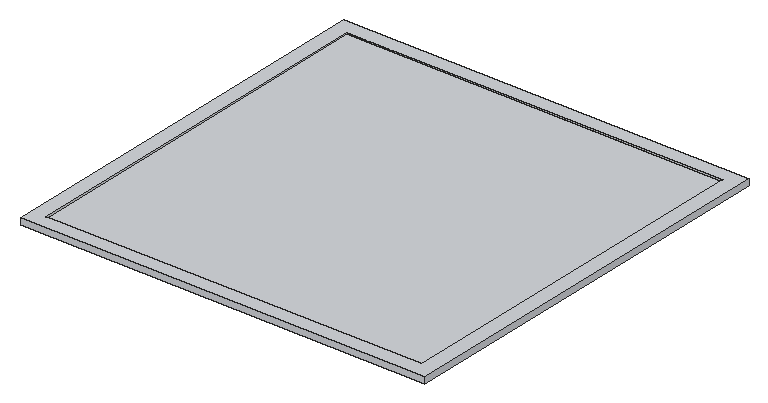
Revit family "0042388", category Lighting Fixtures, host Face, Revit 2017
Family settings
  Host = Face
  Round Connector Dimension = Use Diameter
  Part Type = Normal
  OmniClass Number = 23.80.70.00
  OmniClass Title = Lighting
  Cut with Voids When Loaded = No
  Light Source = Yes
  Shared = No
  Room Calculation Point = No
Parameters (values of type "0042388 START PANEL UGR19 600X600 3800LM 830 SSA")
  Weight = "6.285 kg"
  Wattage Comments = ""
  Wattage = 36 W
  WarrantyStartDate [instance] = "n/a"
  WarrantyGuarantorParts = "n/a"
  WarrantyDurationUnit = "n/a"
  WarrantyDurationParts = "n/a"
  WarrantyDescription = "n/a"
  WIDTH_SYL = 297.5 mm
  built-in parameter 1150110 = 1 (stored number, unit not read)
  Voltage = 0 V
  URL = "http://www.sylvania-lighting.com"
  TypeName = "START Panel UGR19 600x600 3800Lm 830 SSA"
  Type Image = <None>
  Type Comments = "n/a"
  built-in parameter 1114217 = 1 (stored number, unit not read)
  Tilt Angle = -90.00°
  built-in parameter 1150109 = 1 (stored number, unit not read)
  built-in parameter 1150134 = (empty or 0)
  TOPWIDTH_SYL = 245 mm
  built-in parameter 1150113 = 1 (stored number, unit not read)
  SerialNumber [instance] = "n/a"
  Photometric Web File = "0042388.ies"
  Material_3_SYL = none
  PowerFactor = 0.95
  PowerConsumption = "36 W"
  NominalLength = 595 mm
  NominalHeight = 35 mm
  NominalDepth = 595 mm
  Name = "START Panel UGR19 600x600 3800Lm 830 SSA"
  ModelReference = Name  # "START Panel UGR19 600x600 3800Lm 830 SSA"
  ModelNumber = "0042388"
  Model = Name  # "START Panel UGR19 600x600 3800Lm 830 SSA"
  Material = "aluminium,steel housing, other diffuser"
  ManufacturerName = "Feilo Sylvania"
  Manufacturer = "Feilo Sylvania"
  MAINHEIGHT_SYL = 63 mm
  LuminousEfficacy = "106 lm/W"
  built-in parameter 1150105 = 303.67 (stored number, unit not read)
  Lumens = 3816 lm
  LuminaireType = ""
  built-in parameter 1150115 = 1 (stored number, unit not read)
  LightOutputRatio = "n/a"
  built-in parameter 1150137 = (empty or 0)
  built-in parameter 1150139 = (empty or 0)
  LampsType = Lamp  # "LED"
  LampNominalLuminous = "3800 lm"
  LampMacAdamStep = "6"
  LampColourTemperature = "3000 K"
  LampColourRenderingIndex = "80"
  built-in parameter 1150112 = 1 (stored number, unit not read)
  built-in parameter 1150114 = 1 (stored number, unit not read)
  Lamp = "LED"
  LUMWIDTH_SYL = 276.5 mm
  LUMDEPTH_SYL = 276.5 mm
  Keynote = "16500"
  InstallationDate [instance] = "n/a"
  InputVoltage = "n/a"
  InputNominalFrequency = "n/a"
  built-in parameter 1150132 = (empty or 0)
  built-in parameter 1150102 = (empty or 0)
  built-in parameter 1150107 = 3000 (stored number, unit not read)
  built-in parameter 1150138 = (empty or 0)
  IngressProtection = "IP40/20"
  ImpactProtectionIndex = "IK03"
  built-in parameter 1150106 = 3.0367 (stored number, unit not read)
  IfcExportType = "IfcLightFixtureType"
  IfcExportAs = "IfcLightFixtureType"
  HEIGHT_SYL = 33 mm
  HEIGHTBOTT_SYL = 7 mm
  Emit from Circle Diameter = 609.6 mm
  Emit Shape Visible in Rendering = no
  ElectricShockClassification = "Class II"
  built-in parameter 1150104 = 9.8477 (stored number, unit not read)
  DocumentationLiterature = "http://www.sylvania-lighting.com/product/en-int/products/0042388"
  DimmingControlOptions = "n/a"
  Material_2_SYL = none
  Dimming Lamp Color Temperature Shift = <None>
  Description = "START Panel is a range of backlit LED panels used in recessed ceilings. Ideal for general indoor appliactions such as corridors, breakrooms, offices and meeting rooms. Luminaire dimensions are compatible with common ceiling installation, and the shallow design makes it easy to install in low ceilings. 3800Lm; 36W; 106Lm/W; Drive current: 750mA; Average life: 50000Hrs; 3000K; CRI 80; Glare control <19; IK03; IP40 (from the front); SDCM<3; Class II; SylSmart SSA enabled."
  Default Elevation = 1219.2 mm
  DEPTH_SYL = 297.5 mm
  CreatedOn = "9/9/2020"
  CreatedBy = "@sylvania-lighting.com"
  Cost = 0
  Color Filter = 16777215
  built-in parameter 1114216 [instance] = (empty or 0)
  ClassificationValue = "EF_70_80"
  ClassificationName = "Uniclass2015"
  Material_1_SYL = none
  BarCode [instance] = "n/a"
  built-in parameter 1114218 = 1 (stored number, unit not read)
  BOX_WIDTH_SYL = 40 mm
  built-in parameter 1150133 = 10 (stored number, unit not read)
  AssetType = "Fixed"
  AssetIdentifier [instance] = "n/a"
  Assembly Code = "D5020200"
  Apparent Load = 36 VA
  Material_4_SYL = none
  -LUMDEPTH_SYL = LUMDEPTH_SYL * (-1)  # -276.5 mm
Types (4, lengths in mm): name | Wattage | TypeName | built-in parameter 1150134 | Photometric Web File | PowerConsumption | Name | ModelReference | ModelNumber | Model | LuminousEfficacy | built-in parameter 1150105 | Lumens | LampNominalLuminous | LampColourTemperature | built-in parameter 1150107 | built-in parameter 1150106 | built-in parameter 1150104 | DocumentationLiterature | Description | Apparent Load
  0042390 START PANEL UGR19 600X600 4600LM 830 SSA | 43 W | "START Panel UGR19 600x600 4600Lm 830 SSA" | (empty or 0) | "0042390.ies" | "43 W" | "START Panel UGR19 600x600 4600Lm 830 SSA" | "START Panel UGR19 600x600 4600Lm 830 SSA" | "0042390" | "START Panel UGR19 600x600 4600Lm 830 SSA" | "107 lm/W" | 366.14 (stored number, unit not read) | 4601 lm | "4600 lm" | "3000 K" | 3000 (stored number, unit not read) | 3.6614 (stored number, unit not read) | 9.9406 (stored number, unit not read) | "http://www.sylvania-lighting.com/product/en-int/products/0042390" | "START Panel is a range of backlit LED panels used in recessed ceilings. Ideal for general indoor appliactions such as corridors, breakrooms, offices and meeting rooms. Luminaire dimensions are compatible with common ceiling installation, and the shallow design makes it easy to install in low ceilings. 4600Lm; 43W; 107Lm/W; Drive current: 950mA; Average life: 50000Hrs; 3000K; CRI 80; Glare control <19; IK03; IP40 (from the front); SDCM<3; Class II; SylSmart SSA enabled." | 43 VA
  0042389 START PANEL UGR19 600X600 4000LM 840 SSA | 36 W | "START Panel UGR19 600x600 4000Lm 840 SSA" | 12 | "0042389.ies" | "36 W" | "START Panel UGR19 600x600 4000Lm 840 SSA" | "START Panel UGR19 600x600 4000Lm 840 SSA" | "0042389" | "START Panel UGR19 600x600 4000Lm 840 SSA" | "111 lm/W" | 317.99 (stored number, unit not read) | 3996 lm | "4000 lm" | "4000 K" | 4000 (stored number, unit not read) | 3.1799 (stored number, unit not read) | 10.312 (stored number, unit not read) | "http://www.sylvania-lighting.com/product/en-int/products/0042389" | "START Panel is a range of backlit LED panels used in recessed ceilings. Ideal for general indoor appliactions such as corridors, breakrooms, offices and meeting rooms. Luminaire dimensions are compatible with common ceiling installation, and the shallow design makes it easy to install in low ceilings. 4000Lm; 36W; 111Lm/W; Drive current: 750mA; Average life: 50000Hrs; 4000K; CRI 80; Glare control <19; IK03; IP40 (from the front); SDCM<3; Class II; SylSmart SSA enabled." | 36 VA
  0042388 START PANEL UGR19 600X600 3800LM 830 SSA | 36 W | "START Panel UGR19 600x600 3800Lm 830 SSA" | (empty or 0) | "0042388.ies" | "36 W" | "START Panel UGR19 600x600 3800Lm 830 SSA" | "START Panel UGR19 600x600 3800Lm 830 SSA" | "0042388" | "START Panel UGR19 600x600 3800Lm 830 SSA" | "106 lm/W" | 303.67 (stored number, unit not read) | 3816 lm | "3800 lm" | "3000 K" | 3000 (stored number, unit not read) | 3.0367 (stored number, unit not read) | 9.8477 (stored number, unit not read) | "http://www.sylvania-lighting.com/product/en-int/products/0042388" | "START Panel is a range of backlit LED panels used in recessed ceilings. Ideal for general indoor appliactions such as corridors, breakrooms, offices and meeting rooms. Luminaire dimensions are compatible with common ceiling installation, and the shallow design makes it easy to install in low ceilings. 3800Lm; 36W; 106Lm/W; Drive current: 750mA; Average life: 50000Hrs; 3000K; CRI 80; Glare control <19; IK03; IP40 (from the front); SDCM<3; Class II; SylSmart SSA enabled." | 36 VA
  0042391 START PANEL UGR19 600X600 4800LM 840 SSA | 43 W | "START Panel UGR19 600x600 4800Lm 840 SSA" | 12 | "0042391.ies" | "43 W" | "START Panel UGR19 600x600 4800Lm 840 SSA" | "START Panel UGR19 600x600 4800Lm 840 SSA" | "0042391" | "START Panel UGR19 600x600 4800Lm 840 SSA" | "112 lm/W" | 383.25 (stored number, unit not read) | 4816 lm | "4800 lm" | "4000 K" | 4000 (stored number, unit not read) | 3.8325 (stored number, unit not read) | 10.405 (stored number, unit not read) | "http://www.sylvania-lighting.com/product/en-int/products/0042391" | "START Panel is a range of backlit LED panels used in recessed ceilings. Ideal for general indoor appliactions such as corridors, breakrooms, offices and meeting rooms. Luminaire dimensions are compatible with common ceiling installation, and the shallow design makes it easy to install in low ceilings. 4800Lm; 43W; 112Lm/W; Drive current: 950mA; Average life: 50000Hrs; 4000K; CRI 80; Glare control <19; IK03; IP40 (from the front); SDCM<3; Class II; SylSmart SSA enabled." | 43 VA
Reference planes
  plane 1 "Center (Front/Back)": y = 0
  plane 2: z = 0
  plane 3 "Center (Left/Right)": x = 0
  plane 4: x = -297.5
  plane 5: x = 297.5
  plane 6: y = 297.5
  plane 7: y = -297.5
  plane 8: x = 276.5
  plane 9: x = -276.5
  plane 10: y = 276.5
  plane 11: y = -276.5
  plane 12: z = -33
  plane 13: z = -7
  plane 14: x = -245
  plane 15: x = 245
  plane 16: y = -245
  plane 17: y = 245
  plane 18: y = 276.5
  plane 19: y = -276.5
  plane 20: z = -63
  plane 21: x = -40
  plane 22: x = 40
Forms (mm)
  Extrusion 1, solid
    sketch origin (0, 0, 0) x (1, 0, 0) y (0, 1, 0)
      loop
        line (-297.5, 297.5) -> (-297.5, -297.5) -> (297.5, -297.5) -> (297.5, 297.5) -> (-297.5, 297.5)
    from -7 to 2
  Extrusion 2, void
    sketch origin (0, 0, 0) x (1, 0, 0) y (0, 1, 0)
      loop
        line (-276.5, 276.5) -> (-276.5, -276.5) -> (276.5, -276.5) -> (276.5, 276.5) -> (-276.5, 276.5)
    from 0 to 10
  Extrusion 3, solid
    sketch origin (0, 0, 0) x (1, 0, 0) y (0, 0, 1)
      loop
        line (-276.5, -7) -> (-245, -33) -> (245, -33) -> (276.5, -7) -> (-276.5, -7)
    from -276.5 <- "-LUMDEPTH_SYL" to 276.5 <- "LUMDEPTH_SYL"
  Extrusion 4, void
    sketch origin (319, 1524, 1219.2) x (0, 1, 0) y (0, 0, 1)
      loop
        line (-1279, -1252.2) -> (-1247.5, -1252.2) -> (-1247.5, -1226.2) -> (-1279, -1252.2)
      loop
        line (-1800.5, -1226.2) -> (-1800.5, -1252.2) -> (-1769, -1252.2) -> (-1800.5, -1226.2)
    from -1000 to 1000
  Extrusion 5, solid
    sketch origin (0, 0, 0) x (1, 0, 0) y (0, 0, 1)
      loop
        line (-40, -33) -> (-40, -63) -> (40, -63) -> (40, -33) -> (-40, -33)
    from -40 to 40
Cuts and joins
  Extrusion 2 cuts Extrusion 1
  Extrusion 4 cuts Extrusion 3
Dimensions and locks
  "WIDTH_SYL": plane 4 to plane 3 "Center (Left/Right)" to plane 5
  "DEPTH_SYL": plane 7 to plane 1 "Center (Front/Back)" to plane 6
  "LUMWIDTH_SYL": plane 9 to plane 3 "Center (Left/Right)" to plane 8
  "LUMDEPTH_SYL": plane 11 to plane 1 "Center (Front/Back)" to plane 10
  "HEIGHT_SYL": host face to plane 12
  "HEIGHTBOTT_SYL": host face to plane 13
  "TOPWIDTH_SYL": plane 14 to imposter light to plane 15
  "TOPWIDTH_SYL": plane 17 to imposter light to plane 16
  "LUMWIDTH_SYL": plane 18 to imposter light to plane 19
  "MAINHEIGHT_SYL": host face to plane 20
  "BOX_WIDTH_SYL": plane 21 to imposter light to plane 22
  Extrusion 5 sketch curve to Extrusion 5 sketch curve to plane 13 = 30 mm, 26 mm
  aligned and locked: plane 2 to host face
  aligned and locked: level to host face
  aligned and locked: plane 6 to Extrusion 1 sketch curve
  aligned and locked: plane 4 to Extrusion 1 sketch curve
  aligned and locked: Extrusion 1 sketch curve to plane 7
  aligned and locked: Extrusion 1 sketch curve to plane 5
  aligned and locked: plane 10 to Extrusion 2 sketch curve
  aligned and locked: Extrusion 2 sketch curve to plane 9
  aligned and locked: Extrusion 2 sketch curve to plane 11
  aligned and locked: plane 8 to Extrusion 2 sketch curve
  aligned and locked: Extrusion 5 sketch curve to plane 21
  aligned and locked: plane 22 to Extrusion 5 sketch curve
Automatic sketch dimensions
  host sketch curve to host sketch curve = 2438.4 mm  (x2)
  plane 9 to Extrusion 3 sketch curve = 0 mm
  Extrusion 3 sketch curve to plane 12 = 0 mm
  plane 14 to Extrusion 3 sketch curve = 0 mm
  plane 15 to Extrusion 3 sketch curve = 0 mm
  plane 8 to Extrusion 3 sketch curve = 0 mm
  Extrusion 3 sketch curve to plane 13 = 0 mm
  Extrusion 4 sketch curve to plane 11 = 0 mm
  plane 12 to Extrusion 4 sketch curve = 0 mm  (x2)
  Extrusion 4 sketch curve to plane 16 = 0 mm
  Extrusion 4 sketch curve to plane 17 = 0 mm
  Extrusion 4 sketch curve to plane 10 = 0 mm
  plane 13 to Extrusion 4 sketch curve = 0 mm  (x2)
